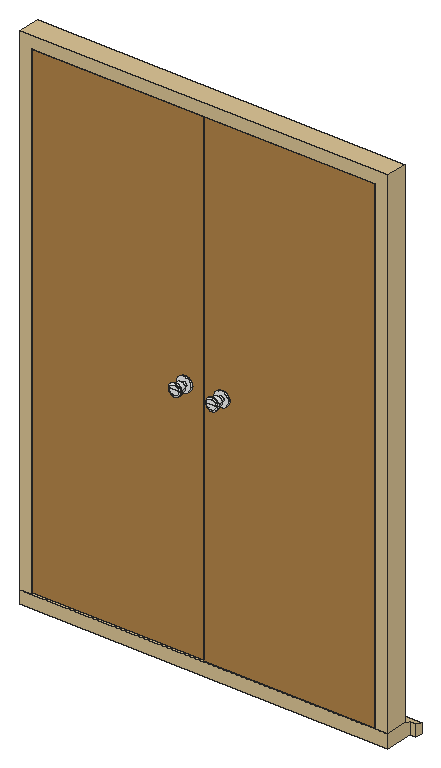
Revit family "543a3a6d50f54c648ea8d549ceef2cbf", category Doors, host Wall, Revit 2025
Family settings
  Host = Wall
  Always vertical = Yes
  Cut with Voids When Loaded = No
  Shared = No
  Room Calculation Point = No
Parameters (values of type "1510x2110mm")
  Wrap Layers (Ext) from Ext = 102.5 mm
  Wrap Layers (Int) from Ext = 177.5 mm
  Visual Light Transmittance = 0
  Vis - Ironmongery = yes
  Vis - Cavity Closers = yes
  Type Comments = "External Double"
  Thickness = Door Panel Thickness  # 44.0 mm
  Solar Heat Gain Coefficient = 0
  Rough Width = Width  # 1510.0 mm
  Rough Height = Height  # 2110.0 mm
  Operation = "DoubleDoorSingleSwing"
  O/A Frame Width = 64.0 mm
  Define Thermal Properties by = Schematic Type
  Construction Type Id = "MDOOR"
  Keynote = "L20"
  Heat Transfer Coefficient (U) = 3.7021 W/(m²·K)
  Handle Z Distance = 1050.0 mm
  Function = Exterior
  FrameWidth = 42.0 mm
  FrameOffset - External = 25.0 mm
  FrameDepth = 89.0 mm
  Door Panel Width = (Width / 2) - (Structural Tolerance) - (1.5 * Tolerance) - (FrameWidth)  # 702.0 mm
  Door Panel Thickness = 44.0 mm
  Door Panel Height = Height - Structural Tolerance - Tolerance - FrameWidth - Undercut - Cill Thickness  # 2000.0 mm
  Cill Thickness = 54.5 mm
  Cill Projection = 30.0 mm
  Handle X Distance = 75.0 mm
  Height = 2110.0 mm
  Material Door = Door - Panel
  Material Frame = Door - Frame/Mullion
  Material Ironmongery = Door - Handle
  Structural Tolerance = 6.5 mm
  Tolerance = 3.0 mm
  Undercut = 4.0 mm
  Wall Closure = By host
  Width = 1510.0 mm
  Cill Extension = 25.0 mm
  Cavity Closer Width = 50.0 mm
  Cavity Closer Offset from Ext = 102.5 mm
  Cavity Closer Depth = 85.0 mm
  Analytic Construction = "Metal"
Types (2, lengths in mm): name | Rough Width | Door Panel Width | Width
  1810x2110mm | 1810.0 | 852.0 | 1810.0
  1510x2110mm | 1510.0 | 702.0 | 1510.0
Reference planes
  plane 1: y = 0
  plane 2 "Center L/R": x = 0
  plane 3 "Left": x = -755
  plane 4 "Right": x = 755
  plane 5 "Head Opening": z = 2110
  plane 6 "Exterior": y = 150
  plane 7 "Interior": y = -150
  plane 8 "ST left": x = -748.5
  plane 9 "ST right": x = 748.5
  plane 10 "Int frame left": x = -706.5
  plane 11 "Int frame right": x = 706.5
  plane 12 "Left T": x = -853.5
  plane 13 "RHS Leaf Edge": x = 703.5
  plane 14: z = 2103.5
  plane 15: z = 2061.5
  plane 16: z = 2058.5
  plane 17: y = 83
  plane 18 "Ironmongery Axis X": x = 76.5
  plane 19 "Ironmongery Axis Z": z = 1050
  plane 20 "LHS Leaf Edge": x = -703.5
  plane 21: z = 0
  plane 22: y = 80
  plane 23: y = 125
  plane 24: y = 36
  plane 25 "LHS Cill Extension": x = -780
  plane 26 "RHS Cill Extension": x = 780
  plane 27: y = 180
  plane 28: z = 58.5
  plane 29 "Threshold": z = 54.5
  plane 30 "Front Cavity Closer": y = 47.5
  plane 31 "Mid LHS Leaf": x = -1.5
  plane 32 "Mid RHS Leaf": x = 1.5
  plane 33: x = -76.5
  plane 34: y = 47.5
  plane 35: y = -27.5
Forms (mm)
  Sweep 1, solid, material "Door - Frame/Mullion" <- "Material Frame"
    path origin (0, 125, 0) x (1, 0, 0) y (0, 0, 1)
      loop
        line (748.5, 54.5) -> (748.5, 2103.5) -> (-748.5, 2103.5) -> (-748.5, 54.5)
    profile origin (0, 0, 1079) x (-1, 0, 0) y (0, -1, 0)
      loop
        line (-755, -125) -> (-684.5, -125) -> (-684.5, -83) -> (-706.5, -83) -> (-706.5, -36) -> (-755, -36) -> (-755, -125)
  Extrusion 2, solid, material "Door - Panel" <- "Material Door"
    sketch origin (0, 36, 0) x (1, 0, 0) y (0, 0, 1)
      loop
        line (1.5, 58.5) -> (703.5, 58.5) -> (703.5, 2058.5) -> (1.5, 2058.5) -> (1.5, 58.5)
      loop
        line (-1.5, 58.5) -> (-1.5, 2058.5) -> (-703.5, 2058.5) -> (-703.5, 58.5) -> (-1.5, 58.5)
    from 0 to -44
  Extrusion 3, solid, material "Door - Frame/Mullion" <- "Material Frame"
    sketch origin (0, 0, 0) x (0, 1, 0) y (0, 0, 1)
      loop
        line (36, 54.5) -> (36, 0) -> (180, 0) -> (180, 38.595) -> (125, 54.5) -> (36, 54.5)
    from -780 to 780
  Extrusion 4, void
    sketch origin (0, 0, 0) x (0, 1, 0) y (1, 0, 0)
      loop
        line (150, -790) -> (150, -755) -> (36, -755) -> (36, -790) -> (150, -790)
    from 0 to -54.5
  Extrusion 5, void
    sketch origin (0, 0, 0) x (0, 1, 0) y (1, 0, 0)
      loop
        line (150, 755) -> (150, 790) -> (36, 790) -> (36, 755) -> (150, 755)
    from 0 to -54.5
Cuts and joins
  Extrusion 4, Extrusion 5 cuts Sweep 1
  Extrusion 4, Extrusion 5 cuts Extrusion 2
  Extrusion 4, Extrusion 5 cuts Extrusion 3
Lines and regions (mm)
  Opening 1
    outline origin (-5000, -150, 0) x (1, 0, 0) y (0, 0, 1)
      loop
        line (5755, 2110) -> (4245, 2110) -> (4245, 0) -> (5755, 0) -> (5755, 2110)
  Masking region 1, detail levels medium+fine
    outline origin (0, 0, 0) x (0, 1, 0) y (-1, 0, 0)
      loop
        line (-666, 703.5) -> (-666, 659.5) -> (36, 659.5) -> (36, 703.5) -> (-666, 703.5)
      loop
        line (36, -703.5) -> (36, -659.5) -> (-666, -659.5) -> (-666, -703.5) -> (36, -703.5)
  Masking region 2, detail levels medium+fine
    outline origin (0, 0, 54.5) x (0, 1, 0) y (-1, 0, 0)
      loop
        line (36, -755) -> (150, -755) -> (150, -780) -> (180, -780) -> (180, 780) -> (150, 780) -> (150, 755) -> (36, 755) -> (36, -755)
  symbolic lines, style "DoorsPanelProjection", detail levels medium+fine
    curve 1: line (703.5, 36, 0) -> (659.5, 36, 0)
    curve 3: line (703.5, -666, 0) -> (659.5, -666, 0)
    curve 4: line (659.5, 36, 0) -> (659.5, -666, 0)
    curve 22: line (-703.5, 36, 0) -> (-659.5, 36, 0)
    curve 24: line (-703.5, -666, 0) -> (-659.5, -666, 0)
    curve 25: line (-659.5, 36, 0) -> (-659.5, -666, 0)
  symbolic lines, style "DoorsPanelProjection"
    curve 2: line (703.5, -666, 0) -> (703.5, 36, 0)
    curve 23: line (-703.5, -666, 0) -> (-703.5, 36, 0)
  symbolic lines, style "Threshold", detail levels medium+fine
    curve 5: line (-780, 150, 0) -> (-780, 180, 0)
    curve 6: line (-780, 180, 0) -> (780, 180, 0)
    curve 7: line (780, 180, 0) -> (780, 150, 0)
  symbolic lines, style "Cavity Closer", visible <- "Vis - Cavity Closers", detail levels medium+fine
    curve 8: line (-805, -37.5, 0) -> (-755, -37.5, 0)
    curve 9: line (-805, 47.5, 0) -> (-805, -37.5, 0)
    curve 10: line (-755, 47.5, 0) -> (-805, 47.5, 0)
    curve 11: line (-755, -37.5, 0) -> (-755, 47.5, 0)
    curve 12: line (755, -37.5, 0) -> (805, -37.5, 0)
    curve 13: line (755, 47.5, 0) -> (755, -37.5, 0)
    curve 14: line (805, 47.5, 0) -> (755, 47.5, 0)
    curve 15: line (805, -37.5, 0) -> (805, 47.5, 0)
    curve 16: line (-805, -37.5, 0) -> (-755, 47.5, 0)
    curve 17: line (-805, 47.5, 0) -> (-755, -37.5, 0)
    curve 18: line (755, -37.5, 0) -> (805, 47.5, 0)
    curve 19: line (755, 47.5, 0) -> (805, -37.5, 0)
  symbolic lines, style "Plan Swing"
    curve 20: arc (1.5, 36, 0) -> (207.111, -460.389, 0) -> (703.5, -666, 0) r 702
    curve 21: arc (-1.5, 36, 0) -> (-207.111, -460.389, 0) -> (-703.5, -666, 0) r 702
  symbolic lines, style "Elevation Swing"
    curve 26: line (0, 0, 54.5) -> (684.5, 0, 1029.25)
    curve 27: line (684.5, 0, 1029.25) -> (0, 0, 2039.5)
    curve 28: line (0, 0, 2039.5) -> (-684.5, 0, 1029.25)
    curve 29: line (0, 0, 54.5) -> (-684.5, 0, 1029.25)
  symbolic lines, style "DoorsFrameMullionProjection", detail levels coarse
    curve 30: line (0, 125, 2110) -> (0, 125, 54.5)
    curve 31: line (0, 83, 54.5) -> (0, 83, 2061.5)
    curve 32: line (0, 125, 2039.5) -> (0, 83, 2039.5)
    curve 33: line (0, 83, 2061.5) -> (0, 36, 2061.5)
    curve 34: line (0, 36, 54.5) -> (0, 36, 2110)
  symbolic lines, style "DoorsPanelProjection", detail levels coarse
    curve 35: line (0, 80, 2058.5) -> (0, 80, 58.5)
    curve 36: line (0, 36, 2058.5) -> (0, 80, 2058.5)
    curve 37: line (0, 80, 58.5) -> (0, 36, 58.5)
  symbolic lines, style "Threshold", detail levels coarse
    curve 38: line (0, 180, 38.595) -> (0, 180, 0)
    curve 39: line (0, 125, 54.5) -> (0, 180, 38.595)
    curve 40: line (0, 36, 54.5) -> (0, 125, 54.5)
    curve 41: line (0, 36, 0) -> (0, 36, 54.5)
Text (mm)
  text "Exterior" at (-1796.445, 976.134, 0), in view "Ref. Level"
  text "Exterior" at (0, 1615.38, 2893.938), in view "Left"
  text "Exterior" at (0, 1036.032, 3874.932), in view "Right"
Dimensions and locks
  equal spacing: plane 3 "Left", plane 2 "Center L/R", plane 4 "Right"
  "Width": plane 3 "Left" to plane 4 "Right"
  "Height": level to plane 5 "Head Opening"
  locked: plane 6 "Exterior" to host wall
  locked: plane 7 "Interior" to host wall
  "Structural Tolerance": plane 3 "Left" to plane 8 "ST left"
  "Structural Tolerance": plane 9 "ST right" to plane 4 "Right"
  "Tolerance": plane 13 "RHS Leaf Edge" to plane 11 "Int frame right"
  "Structural Tolerance": plane 5 "Head Opening" to plane 14
  "Tolerance": plane 15 to plane 16
  "Door Panel Thickness": plane 24 to plane 22
  "Tolerance": plane 10 "Int frame left" to plane 20 "LHS Leaf Edge"
  "Tolerance": plane 22 to plane 17
  "FrameDepth": plane 24 to plane 23
  "FrameWidth": plane 8 "ST left" to plane 10 "Int frame left"
  "FrameWidth": plane 11 "Int frame right" to plane 9 "ST right"
  "Door Panel Thickness": curve 4 to plane 13 "RHS Leaf Edge"
  "O/A Frame Width": Sweep 1 sketch curve to plane 9 "ST right"
  "FrameOffset - External": plane 23 to plane 6 "Exterior"
  "Cill Extension": plane 25 "LHS Cill Extension" to plane 3 "Left"
  "Cill Projection": plane 6 "Exterior" to plane 27
  "Cill Extension": plane 4 "Right" to plane 26 "RHS Cill Extension"
  "Undercut": plane 29 "Threshold" to plane 28
  "FrameWidth": plane 14 to plane 15
  "Cill Thickness": plane 29 "Threshold" to plane 21
  locked: Extrusion 4 sketch curve to plane 25 "LHS Cill Extension" at 10
  locked: plane 26 "RHS Cill Extension" to Extrusion 5 sketch curve at 10
  "Handle Z Distance": level to plane 19 "Ironmongery Axis Z"
  "Cavity Closer Offset from Ext": plane 30 "Front Cavity Closer" to plane 6 "Exterior"
  "Cavity Closer Depth": curve 8 to plane 30 "Front Cavity Closer"
  "Cavity Closer Depth": curve 12 to plane 30 "Front Cavity Closer"
  "Cavity Closer Width": curve 9 to plane 3 "Left"
  "Cavity Closer Width": plane 4 "Right" to curve 15
  "Cavity Closer Offset from Ext": nested 4 to plane 6 "Exterior"
  cut or joined group of Extrusion 3, Extrusion 4, Extrusion 5 to cut or joined group of Sweep 1, Extrusion 4, Extrusion 5 = 1985.0 mm
  "Tolerance": plane 31 "Mid LHS Leaf" to plane 32 "Mid RHS Leaf"
  equal spacing: plane 31 "Mid LHS Leaf", plane 2 "Center L/R", plane 32 "Mid RHS Leaf"
  "Handle X Distance": plane 32 "Mid RHS Leaf" to plane 18 "Ironmongery Axis X"
  "Handle X Distance": plane 33 to plane 31 "Mid LHS Leaf"
  "Door Panel Thickness": curve 23 to curve 25
  equal spacing: level, curve 27, plane 16
  equal spacing: level, curve 29, plane 16
  "Wrap Layers (Ext) from Ext": plane 34 to plane 6 "Exterior"
  "Wrap Layers (Int) from Ext": plane 35 to plane 6 "Exterior"
  aligned and locked: plane 1 to host wall
  aligned and locked: plane 9 "ST right" to Sweep 1 sketch curve
  aligned and locked: plane 14 to Sweep 1 sketch curve
  aligned and locked: profile plane to plane 9 "ST right"
  aligned and locked: Sweep 1 sketch curve to plane 4 "Right"
  aligned and locked: Sweep 1 sketch curve to plane 17
  aligned and locked: plane 11 "Int frame right" to Sweep 1 sketch curve
  aligned and locked: plane 24 to Sweep 1 sketch curve
  aligned and locked: Sweep 1 sketch curve to plane 23
  aligned and locked: plane 16 to Extrusion 2 sketch curve
  aligned and locked: Extrusion 2 to plane 22
  aligned and locked: curve 1 to plane 24
  aligned and locked: Extrusion 3 to plane 26 "RHS Cill Extension"
  aligned and locked: Extrusion 3 to plane 25 "LHS Cill Extension"
  aligned and locked: plane 29 "Threshold" to Extrusion 3
  aligned and locked: Sweep 1 to Extrusion 3 sketch curve
  aligned and locked: plane 29 "Threshold" to Sweep 1 sketch curve  (x2)
  aligned and locked: plane 28 to Extrusion 2
  aligned and locked: plane 29 "Threshold" to Extrusion 4
  aligned and locked: plane 24 to Extrusion 5 sketch curve
  aligned and locked: plane 29 "Threshold" to Extrusion 5
  aligned and locked: plane 25 "LHS Cill Extension" to curve 5
  aligned and locked: curve 6 to plane 27
  aligned and locked: curve 7 to plane 26 "RHS Cill Extension"
  aligned and locked: nested 1 to plane 18 "Ironmongery Axis X"
  aligned and locked: plane 19 "Ironmongery Axis Z" to nested 1
  aligned and locked: nested 1 to cut or joined group of Extrusion 2, Extrusion 4, Extrusion 5
  aligned and locked: plane 18 "Ironmongery Axis X" to nested 2
  aligned and locked: cut or joined group of Extrusion 2, Extrusion 4, Extrusion 5 to nested 2
  aligned and locked: nested 2 to plane 19 "Ironmongery Axis Z"
  aligned and locked: plane 3 "Left" to nested 3
  aligned and locked: nested 3 to plane 30 "Front Cavity Closer"
  aligned and locked: nested 4 to plane 4 "Right"
  aligned and locked: plane 30 "Front Cavity Closer" to nested 4
  aligned and locked: plane 32 "Mid RHS Leaf" to cut or joined group of Extrusion 2, Extrusion 4, Extrusion 5
  aligned and locked: Extrusion 2 sketch curve to plane 31 "Mid LHS Leaf"
  aligned and locked: plane 28 to Extrusion 2 sketch curve
  aligned and locked: cut or joined group of Extrusion 2, Extrusion 4, Extrusion 5 to plane 16
  aligned and locked: nested 5 to plane 33
  aligned and locked: plane 33 to nested 6
  aligned and locked: nested 6 to cut or joined group of Extrusion 2, Extrusion 4, Extrusion 5
  aligned and locked: cut or joined group of Extrusion 2, Extrusion 4, Extrusion 5 to nested 5
  aligned and locked: Extrusion 2 sketch curve to plane 20 "LHS Leaf Edge"
  aligned and locked: cut or joined group of Sweep 1, Extrusion 4, Extrusion 5 to curve 29
  aligned and locked: curve 23 to plane 20 "LHS Leaf Edge"
  aligned and locked: curve 30 to cut or joined group of Sweep 1, Extrusion 4, Extrusion 5
  aligned and locked: curve 31 to cut or joined group of Sweep 1, Extrusion 4, Extrusion 5
  aligned and locked: curve 32 to cut or joined group of Sweep 1, Extrusion 4, Extrusion 5
  aligned and locked: curve 33 to cut or joined group of Sweep 1, Extrusion 4, Extrusion 5
  aligned and locked: curve 34 to cut or joined group of Sweep 1, Extrusion 4, Extrusion 5
  aligned and locked: curve 35 to cut or joined group of Extrusion 2, Extrusion 4, Extrusion 5
  aligned and locked: curve 36 to cut or joined group of Extrusion 2, Extrusion 4, Extrusion 5
  aligned and locked: curve 37 to cut or joined group of Extrusion 2, Extrusion 4, Extrusion 5
  aligned and locked: curve 38 to cut or joined group of Extrusion 3, Extrusion 4, Extrusion 5
  aligned and locked: curve 39 to cut or joined group of Extrusion 3, Extrusion 4, Extrusion 5
  aligned and locked: curve 40 to cut or joined group of Extrusion 3, Extrusion 4, Extrusion 5
  aligned and locked: curve 41 to cut or joined group of Extrusion 3, Extrusion 4, Extrusion 5
  aligned and locked: Masking region 1 sketch curve to curve 23
  aligned and locked: Masking region 1 sketch curve to curve 25
  aligned and locked: Masking region 1 sketch curve to curve 24
  aligned and locked: Masking region 1 sketch curve to curve 22
  aligned and locked: Masking region 1 sketch curve to curve 1
  aligned and locked: Masking region 1 sketch curve to curve 4
  aligned and locked: Masking region 1 sketch curve to curve 2
  aligned and locked: Masking region 1 sketch curve to curve 3
  aligned and locked: plane 24 to Masking region 2 sketch curve
  aligned and locked: plane 3 "Left" to Masking region 2 sketch curve
  aligned and locked: plane 6 "Exterior" to Masking region 2 sketch curve
  aligned and locked: plane 25 "LHS Cill Extension" to Masking region 2 sketch curve
  aligned and locked: Masking region 2 sketch curve to plane 27
  aligned and locked: plane 4 "Right" to Masking region 2 sketch curve
  aligned and locked: plane 26 "RHS Cill Extension" to Masking region 2 sketch curve
Automatic sketch dimensions
  Extrusion 3 sketch curve to plane 24 = 0.0 mm
  Extrusion 3 sketch curve to plane 27 = 0.0 mm
  Extrusion 3 sketch curve to level = 0.0 mm
  Extrusion 3 sketch curve to plane 29 "Threshold" = 0.0 mm
  Extrusion 3 sketch curve to plane 29 "Threshold" = 15.905 mm
  Sweep 1 sketch curve to plane 8 "ST left" = 0.0 mm
  Extrusion 4 sketch curve to plane 24 = 0.0 mm
  Extrusion 4 sketch curve to host wall = 0.0 mm
  Extrusion 4 sketch curve to plane 3 "Left" = 0.0 mm
  Extrusion 5 sketch curve to host wall = 0.0 mm
  Extrusion 5 sketch curve to plane 4 "Right" = 0.0 mm
  Extrusion 2 sketch curve to plane 32 "Mid RHS Leaf" = 0.0 mm
  Extrusion 2 sketch curve to plane 13 "RHS Leaf Edge" = 0.0 mm
  Extrusion 2 sketch curve to plane 28 = 0.0 mm
  plane 16 to Extrusion 2 sketch curve = 0.0 mm
  curve 11 to plane 3 "Left" = 0.0 mm
  curve 20 to plane 32 "Mid RHS Leaf" = 0.0 mm
  curve 2 to plane 13 "RHS Leaf Edge" = 0.0 mm
  curve 19 to plane 4 "Right" = 0.0 mm
  curve 11 to plane 30 "Front Cavity Closer" = 0.0 mm
  curve 13 to plane 30 "Front Cavity Closer" = 0.0 mm
  curve 7 to host wall = 0.0 mm
  curve 5 to host wall = 0.0 mm
  curve 21 to plane 31 "Mid LHS Leaf" = 0.0 mm
  curve 22 to plane 24 = 0.0 mm
  curve 27 to plane 2 "Center L/R" = 0.0 mm
  curve 26 to plane 2 "Center L/R" = 0.0 mm
  curve 26 to plane 29 "Threshold" = 0.0 mm
  plane 16 to curve 27 = 19.0 mm
  plane 13 "RHS Leaf Edge" to curve 27 = 19.0 mm
  curve 21 to plane 24 = 0.0 mm
  curve 20 to plane 24 = 0.0 mm
  curve 30 to plane 5 "Head Opening" = 0.0 mm
  curve 34 to plane 5 "Head Opening" = 0.0 mm
  curve 38 to level = 0.0 mm
  curve 41 to level = 0.0 mm
  Opening 1 sketch curve to plane 3 "Left" = 0.0 mm
  Opening 1 sketch curve to level = 0.0 mm
  Opening 1 sketch curve to plane 4 "Right" = 0.0 mm
  Opening 1 sketch curve to plane 5 "Head Opening" = 0.0 mm
  Masking region 2 sketch curve to host wall = 0.0 mm
Nested families
  nested 1: "Handle Domestic (2)" at (1.5, 80, 0), visible <- "Vis - Ironmongery", type "Handle Domestic (2)", detail levels medium+fine
    with Handle Z Distance 1050.0 mm, Handle X Distance 75.0 mm
  nested 2: "Handle Domestic (2)" at (1.5, 36, 0), visible <- "Vis - Ironmongery", type "Handle Domestic (2)", detail levels medium+fine
    with Handle Z Distance 1050.0 mm, Handle X Distance 75.0 mm
  nested 3: "Cavity Closer" at (-805, 47.5, 0), visible <- "Vis - Cavity Closers", type "Cavity Closer", detail levels medium+fine
    with Closer Depth 85.0 mm
  nested 4: "Cavity Closer" at (755, 47.5, 0), visible <- "Vis - Cavity Closers", type "Cavity Closer", detail levels medium+fine
    with Closer Depth 85.0 mm
  nested 5: "Handle Domestic (2)" at (-1.5, 80, 0) x (-1, 0, 0) z (0, 0, 1), visible <- "Vis - Ironmongery", type "Handle Domestic (2)", detail levels medium+fine
    with Handle Z Distance 1050.0 mm, Handle X Distance 75.0 mm
  nested 6: "Handle Domestic (2)" at (-1.5, 36, 0) x (-1, 0, 0) z (0, 0, 1), visible <- "Vis - Ironmongery", type "Handle Domestic (2)", detail levels medium+fine
    with Handle Z Distance 1050.0 mm, Handle X Distance 75.0 mm
Definition of nested family "Handle Domestic (2)"
  Parameters
    Manufacturer = "Revit"
    Material Ironmongery = none
    Handle Z Distance = 0.0 mm
    Handle X Distance = 65.0 mm
  Reference planes
    plane 1 "Center (Front/Back)": y = 0
    plane 2: z = 0
    plane 3 "Center (Left/Right)": x = 0
    plane 4: z = 0
    plane 5: x = 65
  Forms (mm)
    Extrusion 1, solid, material <- "Material Ironmongery"
      sketch origin (0, 0, 0) x (1, 0, 0) y (0, 0, 1)
        loop
          circle (65, 0) r 30
      from 0 to -6
    Revolve 2, solid, material <- "Material Ironmongery"
      sketch origin (0, 0, 0) x (0, -1, 0) y (1, 0, 0)
        loop
          line (-25, 55) -> (-6, 55) -> (-6, 65) -> (-55, 65) -> (-55, 44.524) -> (-53.172, 40) -> (-49.708, 40) -> (-25, 46.364) -> (-25, 55)
        axis (-6, 65) -> (-55, 65)
      angle from 0 to 360
  Dimensions and locks
    "Handle Z Distance": plane 4 to level
    "Handle X Distance": plane 5 to plane 3 "Center (Left/Right)"
  Automatic sketch dimensions
    Extrusion 1 sketch curve to plane 4 = 0.0 mm
    Extrusion 1 sketch curve to plane 5 = 0.0 mm
    Revolve 2 sketch curve to plane 5 = 0.0 mm  (x2)
    Revolve 2 sketch curve to plane 1 "Center (Front/Back)" = 66.0 mm
    Revolve 2 sketch curve to Revolve 2 sketch curve = 11.0 mm
    Revolve 2 sketch curve to Revolve 2 sketch curve = 1.828 mm
    Revolve 2 sketch curve to Revolve 2 sketch curve = 3.464 mm
    Revolve 2 sketch curve to plane 1 "Center (Front/Back)" = 25.0 mm
    Revolve 2 sketch curve to plane 1 "Center (Front/Back)" = 6.0 mm
    Revolve 2 sketch curve to Revolve 2 sketch curve = 0.0 mm
    Revolve 2 sketch curve to Revolve 2 sketch curve = 10.0 mm
    Revolve 2 sketch curve to Revolve 2 sketch curve = 8.636 mm
    Revolve 2 sketch curve to Revolve 2 sketch curve = 20.476 mm
    Revolve 2 sketch curve to Revolve 2 sketch curve = 4.524 mm
    radius of Extrusion 1 sketch curve = 30.0 mm
Definition of nested family "Cavity Closer"
  Parameters
    Closer Width = 50.0 mm
    Closer Depth = 75.0 mm
  Reference planes
    plane 1 "Center (Front/Back)": y = 0
    plane 2: z = 0
    plane 3 "Center (Left/Right)": x = 0
    plane 4: x = 50, in view "Ref. Level"
    plane 5: y = -75, in view "Ref. Level"
  Lines and regions (mm)
    Masking region 1, in view "Ref. Level"
      outline origin (0, 0, 0) x (1, 0, 0) y (0, 1, 0)
        loop
          line (0, 0) -> (0, -75) -> (50, -75) -> (50, 0) -> (0, 0)
  Dimensions and locks
    "Closer Width": plane 3 "Center (Left/Right)" to plane 4
    "Closer Depth": plane 5 to plane 1 "Center (Front/Back)"
  Automatic sketch dimensions
    Masking region 1 sketch curve to plane 3 "Center (Left/Right)" = 0.0 mm
    Masking region 1 sketch curve to plane 4 = 0.0 mm
    Masking region 1 sketch curve to plane 5 = 0.0 mm
    Masking region 1 sketch curve to plane 1 "Center (Front/Back)" = 0.0 mm
